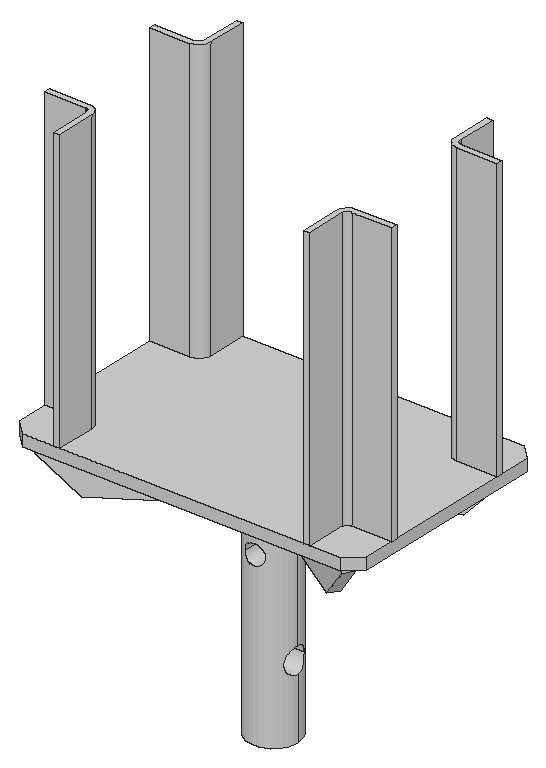
Revit family "EHL_DOUBLE HEAD VR_2211003", category Generic Models, Revit 2018
Family settings
  Can host rebar = No
  Round Connector Dimension = Use Diameter
  Part Type = Normal
  OmniClass Number = 35.51.14.00
  OmniClass Title = FORMWORK
  Work Plane-Based = Yes
  Always vertical = No
  Cut with Voids When Loaded = No
  Shared = Yes
  Room Calculation Point = No
Parameters
  VERSION = "20170217"  # constant formula
  URL = "www.ulmaconstruction.com/en"
  UNICLASS = ""
  Manufacturer = "ULMA CONSTRUCTION"  # constant formula
  ITEM_CODE = "2211003"
  FILTER [instance] = ""
  Default Elevation = 0.000 mm
  CLASSIFICATION_TITLE = ""
  CLASSIFICATION_NUMBER = ""
Reference planes
  plane 1 "Centro (Frontal/Posterior)": y = 0
  plane 2: z = 0
  plane 3 "Centro (Izquierda/Derecha)": x = 0
  plane 4 "DOWN HOLE": z = -90
  plane 5 "UP HOLE": z = -24.5
Forms (mm)
  Extrusion 1, solid, material "ULMA ZINC", detail levels medium+fine
    sketch origin (0, 0, 0) x (1, 0, 0) y (0, 1, 0)
      loop
        line (-107.5, 77.5) -> (-117.5, 67.5) -> (-117.5, -67.5) -> (-107.5, -77.5) -> (107.5, -77.5) -> (117.5, -67.5) -> (117.5, 67.5) -> (107.5, 77.5) -> (-107.5, 77.5)
    from 30 to 38
  Extrusion 2, solid, material "ULMA ZINC", detail levels fine
    sketch origin (0, 0, 0) x (1, 0, 0) y (0, 1, 0)
      loop
        circle (0, 0) r 16.5
    from -140 to 30
  Extrusion 3, solid, material "ULMA ZINC", detail levels medium+fine
    sketch origin (0, 0, 0) x (1, 0, 0) y (0, 1, 0)
      loop
        arc (-90.5, 42.5) -> (-84.843, 44.843) -> (-82.5, 50.5) r 8
        line (-82.5, 50.5) -> (-82.5, 77.5) -> (-86.5, 77.5) -> (-86.5, 50.5)
        arc (-86.5, 50.5) -> (-87.672, 47.672) -> (-90.5, 46.5) r 4
        line (-90.5, 46.5) -> (-117.5, 46.5) -> (-117.5, 42.5) -> (-90.5, 42.5)
      loop
        line (90.5, 42.5) -> (117.5, 42.5) -> (117.5, 46.5) -> (90.5, 46.5)
        arc (90.5, 46.5) -> (87.672, 47.672) -> (86.5, 50.5) r 4
        line (86.5, 50.5) -> (86.5, 77.5) -> (82.5, 77.5) -> (82.5, 50.5)
        arc (82.5, 50.5) -> (84.843, 44.843) -> (90.5, 42.5) r 8
      loop
        line (-90.5, -42.5) -> (-117.5, -42.5) -> (-117.5, -46.5) -> (-90.5, -46.5)
        arc (-90.5, -46.5) -> (-87.672, -47.672) -> (-86.5, -50.5) r 4
        line (-86.5, -50.5) -> (-86.5, -77.5) -> (-82.5, -77.5) -> (-82.5, -50.5)
        arc (-82.5, -50.5) -> (-84.843, -44.843) -> (-90.5, -42.5) r 8
      loop
        arc (90.5, -42.5) -> (84.843, -44.843) -> (82.5, -50.5) r 8
        line (82.5, -50.5) -> (82.5, -77.5) -> (86.5, -77.5) -> (86.5, -50.5)
        arc (86.5, -50.5) -> (87.672, -47.672) -> (90.5, -46.5) r 4
        line (90.5, -46.5) -> (117.5, -46.5) -> (117.5, -42.5) -> (90.5, -42.5)
    from 38 to 228
  Extrusion 4, solid, material "ULMA ZINC", detail levels medium+fine
    sketch origin (0, 0, 0) x (1, 0, 0) y (0, 1, 0)
      loop
        line (-103.913, 72.252) -> (-108.27, 65.542) -> (-7.344, 0) -> (-108.27, -65.542) -> (-103.913, -72.252) -> (0, -4.769) -> (103.913, -72.252) -> (108.27, -65.542) -> (7.344, 0) -> (108.27, 65.542) -> (103.913, 72.252) -> (0, 4.769) -> (-103.913, 72.252)
    from 0 to 30
  Extrusion 5, void
    sketch origin (0, 0, 0) x (-0.838671, -0.544639, 0) y (0, 0, 1)
      loop
        line (126.5, 30) -> (126.5, 25) -> (101.5, 0) -> (101.5, -5) -> (131.5, -5) -> (131.5, 30) -> (126.5, 30)
    from -15.828 to 15.403
  Extrusion 6, void
    sketch origin (0, 0, 0) x (0.838671, -0.544639, 0) y (0, 0, -1)
      loop
        line (126.5, -30) -> (131.5, -30) -> (131.5, 5) -> (101.5, 5) -> (101.5, 0) -> (126.5, -25) -> (126.5, -30)
    from -15.828 to 15.403
  Extrusion 7, void
    sketch origin (0, 0, 0) x (-0.838671, 0.544639, 0) y (0, 0, -1)
      loop
        line (126.5, -30) -> (131.5, -30) -> (131.5, 5) -> (101.5, 5) -> (101.5, 0) -> (126.5, -25) -> (126.5, -30)
    from -15.828 to 15.403
  Extrusion 8, void
    sketch origin (0, 0, 0) x (0.838671, 0.544639, 0) y (0, 0, 1)
      loop
        line (126.5, 30) -> (126.5, 25) -> (101.5, 0) -> (101.5, -5) -> (131.5, -5) -> (131.5, 30) -> (126.5, 30)
    from -15.828 to 15.403
  Extrusion 9, void
    sketch origin (0, 0, 0) x (1, 0, 0) y (0, 0, 1)
      loop
        circle (0, -24.5) r 7
    from -16.5 to 16.5
  Extrusion 10, void
    sketch origin (0, 0, 0) x (0, 1, 0) y (0, 0, 1)
      loop
        circle (0, -90) r 9
    from -16.5 to 16.5
Cuts and joins
  Extrusion 5, Extrusion 6, Extrusion 7, Extrusion 8 cuts Extrusion 1
  Extrusion 5, Extrusion 6, Extrusion 7, Extrusion 8 cuts Extrusion 4
  Extrusion 9, Extrusion 10 cuts Extrusion 2
Lines and regions (mm)
  model lines, style "ULMA HEAD", detail levels fine
    curve 1: circle (-100.5, -46.5, 218) r 3 normal (0, -1, 0)
    curve 2: circle (100.5, -46.5, 218) r 3 normal (0, -1, 0)
    curve 3: circle (-100.5, -42.5, 218) r 3 normal (0, -1, 0)
    curve 4: circle (100.5, -42.5, 218) r 3 normal (0, -1, 0)
    curve 5: circle (-100.5, 42.5, 218) r 3 normal (0, -1, 0)
    curve 6: circle (100.5, 42.5, 218) r 3 normal (0, -1, 0)
    curve 7: circle (-100.5, 46.5, 218) r 3 normal (0, -1, 0)
    curve 8: circle (100.5, 46.5, 218) r 3 normal (0, -1, 0)
    curve 9: circle (86.5, -60.5, 218) r 3 normal (1, 0, 0)
    curve 10: circle (86.5, 60.5, 218) r 3 normal (1, 0, 0)
    curve 11: circle (82.5, -60.5, 218) r 3 normal (1, 0, 0)
    curve 12: circle (82.5, 60.5, 218) r 3 normal (1, 0, 0)
    curve 13: circle (-82.5, -60.5, 218) r 3 normal (1, 0, 0)
    curve 14: circle (-82.5, 60.5, 218) r 3 normal (1, 0, 0)
    curve 15: circle (-86.5, -60.5, 218) r 3 normal (1, 0, 0)
    curve 16: circle (-86.5, 60.5, 218) r 3 normal (1, 0, 0)
  model lines, style "ULMA HEAD", detail levels coarse
    curve 17: line (-117.5, 77.5, 0) -> (-117.5, -77.5, 0)
    curve 18: line (117.5, 77.5, 0) -> (-117.5, 77.5, 0)
    curve 19: line (117.5, -77.5, 0) -> (117.5, 77.5, 0)
    curve 20: line (-117.5, -77.5, 0) -> (117.5, -77.5, 0)
Dimensions and locks
  aligned and locked: level to plane 2
